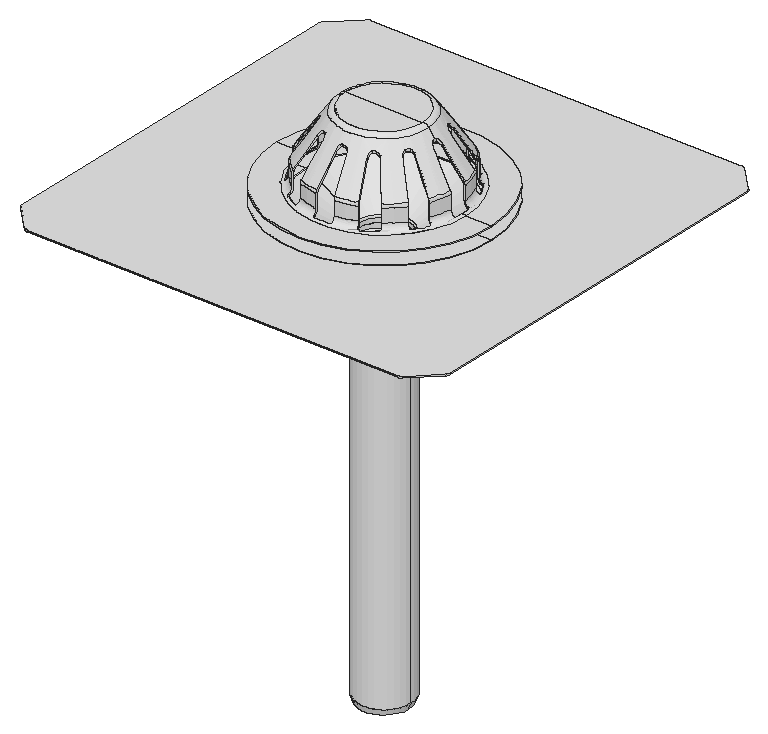
Revit family "Blucher_PlumbingFixture_GravityRoofDrain_401.10a", category Plumbing Fixtures, host Face, Revit 2017
Family settings
  Host = Face
  Round Connector Dimension = Use Diameter
  Part Type = Normal
  OmniClass Number = 23.70.50.21.24
  OmniClass Title = Waste Water Drains
  Cut with Voids When Loaded = No
  Shared = No
  Room Calculation Point = No
Parameters (values of type "50mm")
  _BSBibleVersion = 15
  _DistributedBy = "www.bimstore.co.uk"
  _CurrentRevision = 1
  _CreatedBy = "www.bimstore.co.uk"
  _BimSpecGuid = 0
  _Author = "Ian Holmes"
  WarrantyStartDate [instance] = "Please record on commissioning."
  WarrantyGuarantorParts = "mail@blucher.com"
  WarrantyGuarantorLabor = "n/a"
  WarrantyDurationUnit = "Years"
  WarrantyDurationParts = "n/a"
  WarrantyDurationLabor = "n/a"
  WarrantyDescription = "n/a"
  URL = "http://www.blucher.com/"
  TypeName = Type Comments  # "401.104.050"
  Type Comments = "401.104.050"
  PressureDrop [instance] = 0.0 Pa
  PipeMinimumHeight [instance] = PipeMaximumHeight - PipeAdjustment  # 195 mm
  PipeMaximumHeight [instance] = 495 mm  # constant formula
  PipeAdjustment = 300 mm  # constant formula
  HeightAdjustment [instance] = 495 mm
  HeightConstraint [instance] = if(HeightAdjustment < PipeMinimumHeight, PipeMinimumHeight, if(HeightAdjustment > PipeMaximumHeight, PipeMaximumHeight, HeightAdjustment))  # 495 mm
  Flow_Sewer [instance] = 0.0 L/s
  Flow [instance] = 0.0 L/s
  DrainMaterial = Blucher_Stainless Steel
  Description = "Roof drain with flange for bitumen. "
  SpareParts = "n/a"
  Size = "400mm x 400mm x 50mm"
  Shape = "Rectangular"
  SerialNumber [instance] = "Please record on commissioning."
  ReplacementCost = "n/a"
  ReferencedStandard = "EN1253"
  ProductionYear = "2017"
  NominalLength = 400 mm
  NominalHeight = 495 mm
  NominalDepth = 400 mm
  NBSReference = "90-10-20/302"
  NBSOfficeMasterTag = "n/a"
  NBSObjectName = "BLÜCHER - Gravity rainwater outlets"
  NBSNote = ""
  NBSDescription = "Gravity rainwater outlets"
  ModelReference = Model  # "BLÜCHER Gravity Roof Drain"
  ModelNumber = Type Comments  # "401.104.050"
  Model = "BLÜCHER Gravity Roof Drain"
  Material = "Available in Stainless Steel AISI 304 & Stainless Steel AISI 316L"
  ManufacturerName = "BLÜCHER"
  Manufacturer = "BLÜCHER"
  Keynote = "R10"
  InstallationDate [instance] = "Please record on commissioning."
  IfcExportType = "IfcWasteTerminalTypeEnum.FLOORWASTE"
  IfcExportAs = "IfcFlowTerminal"
  Grade = "AISI 304/EN 1.4301 or AISI 316L/EN 1.4404"
  Finish = "2B - Pickled"
  Features = "n/a"
  ExpectedLife = 50
  DurationUnit = "Years"
  DocumentationTechnical = "https://www.bimstore.co/products/roof-drain-gravity-401-10/document/technical-data-sheet"
  DocumentationMaintenance = "https://www.bimstore.co/products/roof-drain-gravity-401-10/document/maintenance-information"
  DocumentationLiterature = "https://www.bimstore.co/products/roof-drain-gravity-401-10/document/product-literature"
  DocumentationInstallationGuide = "https://www.bimstore.co/products/roof-drain-gravity-401-10/document/installation-guide"
  DocumentationCertificates = "https://www.bimstore.co/products/roof-drain-gravity-401-10/document/product-certificates"
  Default Elevation = 1219.2 mm
  D = 50 mm
  CreatedOn = "2017-11-07-T00:00:00"
  CreatedBy = "mail@blucher.com"
  Constituents = "n/a"
  Color = "Stainless Steel"
  CodePerformance = "n/a"
  ClassificationValue = "Pr_65_50_35_37"
  ClassificationName = "Uniclass2015"
  BarCode [instance] = "Please record on commissioning."
  BIMObjectName = "Blucher_PlumbingFixture_GravityRoofDrain_401.10"
  AssetType = "Fixed"
  AssetIdentifier [instance] = "Please record on commissioning."
  Assembly Code = "D2040200"
  AccessibilityPerformance = "n/a"
Types (4, lengths in mm): name | TypeName | Type Comments | Size | ModelNumber | D
  (no name) | "401.104.050" | "401.104.050" | "400mm x 400mm x 50mm" | "401.104.050" | 50
  50mm | "401.104.050" | "401.104.050" | "400mm x 400mm x 50mm" | "401.104.050" | 50
  75mm | "401.104.075" | "401.104.075" | "400mm x 400mm x 75mm" | "401.104.075" | 75
  110mm | "401.104.110" | "401.104.110" | "400mm x 400mm x 110mm" | "401.104.110" | 110
Reference planes
  plane 1 "Center (Front/Back)": y = 0
  plane 2: z = 0
  plane 3 "Center (Left/Right)": x = 0
  plane 4: z = 12
  plane 5: z = -418
  plane 6: z = 77
  plane 7: z = -30
  plane 8: z = 1
Forms (mm)
  Extrusion 1, void
    sketch origin (0, 0, 0) x (1, 0, 0) y (0, 1, 0)
      loop
        circle (0, 0) r 100
    from -418 to 77
Lines and regions (mm)
  reference lines
    curve 1: line (0, 0, 0) -> (0, 0, -418)
Dimensions and locks
  locked: plane 4 to plane 2 at 12
  locked: plane 6 to plane 4 at 65
  "HeightConstraint": plane 6 to plane 5
  locked: plane 2 to plane 7 at 30
  locked: plane 8 to plane 2 at 1
  aligned and locked: plane 2 to host face
  aligned and locked: level to host face
  aligned and locked: plane 1 "Center (Front/Back)" to nested 2
  aligned and locked: plane 3 "Center (Left/Right)" to nested 2
  aligned and locked: plane 3 "Center (Left/Right)" to nested 3
  aligned and locked: plane 1 "Center (Front/Back)" to nested 3
  aligned and locked: plane 1 "Center (Front/Back)" to nested 4
  aligned and locked: plane 3 "Center (Left/Right)" to nested 4
  aligned and locked: nested 4 to plane 5
  aligned and locked: plane 1 "Center (Front/Back)" to nested 5
  aligned and locked: plane 3 "Center (Left/Right)" to nested 5
  aligned and locked: plane 6 to Extrusion 1
  aligned and locked: Extrusion 1 to plane 5
  aligned and locked: plane 5 to curve 1
  aligned and locked: plane 2 to curve 1
  aligned and locked: curve 1 to plane 3 "Center (Left/Right)"
Automatic sketch dimensions
  host sketch curve to host sketch curve = 2438.4 mm  (x2)
  plane 1 "Center (Front/Back)" to Extrusion 1 sketch curve = 0 mm
  Extrusion 1 sketch curve to plane 3 "Center (Left/Right)" = 0 mm
  radius of Extrusion 1 sketch curve = 100 mm
Nested families
  nested 1: "WaterTraps_NotVisable" at (-1080.773, -1219.2, -89.9) x (1, 0, 0) z (0, -1, 0), type "WaterTraps_NotVisable"
  nested 2: "Flange_401.004" at (0, 0, 1), type "Flange_401.004"
    with MembrainThickness 0.8 mm, MembrainMaterial none, Membrain no
  nested 3: "LeafGuard_400.000.001" at (0, 0, 12), type "LeafGuard_400.000.001"
  nested 4: "Pipe" at (0, 0, -30), NominalDiameter <- "D", type "Pipe"
    with TopOffset 3 mm, SocketExternalDiameter 53 mm, NominalDiameter 50 mm, Lip 10 mm, HeadLength 47 mm, H 388 mm
  nested 5: "SiphonicPlate_400.000.100" at (0, 0, 1), D <- "D", type "SiphonicPlate_400.000.100"
    with D 50 mm
Connectors
  piping at (0, 0, -418), diameter 50, driven by "D", driven by "Flow", driven by "PressureDrop"
    settings: on curve 1, index 1, connector inside diameter 609.6 mm, connector length 0 mm, flow factor 0, pipe flow 0.0 L/s, pressure drop 0.0 Pa, fitting loss kfactor 0, connector angle 0.00°, fixture units 0, engagement length 0 mm, angle of deflection 0.00°, flow configuration 2, flow direction 2, fitting loss method 4, system type 16, joint type 0, gender type 0, connector reference index -1, connector utility 0, adjustable connector yes, is connector primary yes, connector description ""
Definition of nested family "Flange_401.004"
  Parameters (values of type "Flange_401.004")
    PlateMaterial = none
    MembrainThickness [instance] = 0.8 mm
    MembrainMaterial [instance] = none
    Membrain [instance] = yes
    Default Elevation = 0 mm
  Reference planes
    plane 1 "Center (Front/Back)": y = 0
    plane 2: z = 0
    plane 3 "Center (Left/Right)": x = 0
    plane 4: z = 0.8
  Forms (mm)
    Extrusion 1, solid
      sketch origin (0, 0, 0) x (1, 0, 0) y (0, 1, 0)
        loop
          line (-1219.2, 1219.2) -> (-1219.2, -1219.2) -> (1219.2, -1219.2) -> (1219.2, 1219.2) -> (-1219.2, 1219.2)
      from 0 to -304.8
    Extrusion 2, solid, material <- "PlateMaterial"
      sketch origin (0, 0, 0) x (1, 0, 0) y (0, 1, 0)
        loop
          line (-200, 172.929) -> (-200, -172.929)
          arc (-200, -172.929) -> (-199.619, -174.842) -> (-198.536, -176.464) r 5
          line (-198.536, -176.464) -> (-176.464, -198.536)
          arc (-176.464, -198.536) -> (-174.842, -199.619) -> (-172.929, -200) r 5
          line (-172.929, -200) -> (172.929, -200)
          arc (172.929, -200) -> (174.842, -199.619) -> (176.464, -198.536) r 5
          line (176.464, -198.536) -> (198.536, -176.464)
          arc (198.536, -176.464) -> (199.619, -174.842) -> (200, -172.929) r 5
          line (200, -172.929) -> (200, 172.929)
          arc (200, 172.929) -> (199.619, 174.842) -> (198.536, 176.464) r 5
          line (198.536, 176.464) -> (176.464, 198.536)
          arc (176.464, 198.536) -> (174.842, 199.619) -> (172.929, 200) r 5
          line (172.929, 200) -> (-172.929, 200)
          arc (-172.929, 200) -> (-174.842, 199.619) -> (-176.464, 198.536) r 5
          line (-176.464, 198.536) -> (-198.536, 176.464)
          arc (-198.536, 176.464) -> (-199.619, 174.842) -> (-200, 172.929) r 5
        loop
          circle (0, 0) r 100
      from -1 to 0
    Extrusion 3, solid, material <- "MembrainMaterial", visible <- "Membrain"
      sketch origin (0, 0, 0) x (1, 0, 0) y (0, 1, 0)
        loop
          line (172.929, 200) -> (-172.929, 200)
          arc (-172.929, 200) -> (-174.842, 199.619) -> (-176.464, 198.536) r 5
          line (-176.464, 198.536) -> (-198.536, 176.464)
          arc (-198.536, 176.464) -> (-199.619, 174.842) -> (-200, 172.929) r 5
          line (-200, 172.929) -> (-200, -172.929)
          arc (-200, -172.929) -> (-199.619, -174.842) -> (-198.536, -176.464) r 5
          line (-198.536, -176.464) -> (-176.464, -198.536)
          arc (-176.464, -198.536) -> (-174.842, -199.619) -> (-172.929, -200) r 5
          line (-172.929, -200) -> (172.929, -200)
          arc (172.929, -200) -> (174.842, -199.619) -> (176.464, -198.536) r 5
          line (176.464, -198.536) -> (198.536, -176.464)
          arc (198.536, -176.464) -> (199.619, -174.842) -> (200, -172.929) r 5
          line (200, -172.929) -> (200, 172.929)
          arc (200, 172.929) -> (199.619, 174.842) -> (198.536, 176.464) r 5
          line (198.536, 176.464) -> (176.464, 198.536)
          arc (176.464, 198.536) -> (174.842, 199.619) -> (172.929, 200) r 5
      from 0 to 0.8
  Dimensions and locks
    "MembrainThickness": plane 4 to plane 2
    aligned and locked: plane 2 to Extrusion 1
    aligned and locked: level to Extrusion 1
    aligned and locked: Extrusion 3 to plane 4
  Automatic sketch dimensions
    Extrusion 1 sketch curve to Extrusion 1 sketch curve = 2438.4 mm  (x2)
    plane 1 "Center (Front/Back)" to Extrusion 2 sketch curve = 0 mm
    Extrusion 2 sketch curve to plane 3 "Center (Left/Right)" = 0 mm
    Extrusion 2 sketch curve to Extrusion 2 sketch curve = 3.536 mm  (x10)
    Extrusion 2 sketch curve to Extrusion 2 sketch curve = 1.464 mm  (x4)
    Extrusion 3 sketch curve to plane 3 "Center (Left/Right)" = 200 mm
    Extrusion 3 sketch curve to Extrusion 3 sketch curve = 1.464 mm  (x5)
    Extrusion 3 sketch curve to Extrusion 3 sketch curve = 3.536 mm  (x9)
    Extrusion 3 sketch curve to Extrusion 3 sketch curve = 22.071 mm  (x8)
    plane 3 "Center (Left/Right)" to Extrusion 3 sketch curve = 172.929 mm  (x2)
    plane 1 "Center (Front/Back)" to Extrusion 3 sketch curve = 200 mm
    Extrusion 3 sketch curve to plane 1 "Center (Front/Back)" = 172.929 mm  (x2)
    plane 1 "Center (Front/Back)" to Extrusion 2 sketch curve = 176.464 mm
    plane 3 "Center (Left/Right)" to Extrusion 2 sketch curve = 172.929 mm  (x2)
    Extrusion 2 sketch curve to Extrusion 2 sketch curve = 22.071 mm  (x6)
    plane 1 "Center (Front/Back)" to Extrusion 2 sketch curve = 195 mm
    Extrusion 2 sketch curve to Extrusion 2 sketch curve = 5 mm
    Extrusion 2 sketch curve to Extrusion 2 sketch curve = 27.071 mm
    Extrusion 2 sketch curve to plane 3 "Center (Left/Right)" = 172.929 mm
    Extrusion 2 sketch curve to plane 1 "Center (Front/Back)" = 172.929 mm
    radius of Extrusion 2 sketch curve = 100 mm
Definition of nested family "LeafGuard_400.000.001"
  Parameters (values of type "LeafGuard_400.000.001")
    LeafGuardMaterial = none
    Default Elevation = 0 mm
  Reference planes
    plane 1 "Center (Front/Back)": y = 0
    plane 2: z = 0
    plane 3 "Center (Left/Right)": x = 0
  Forms (mm)
    Extrusion 1, solid
      sketch origin (0, 0, 0) x (1, 0, 0) y (0, 1, 0)
        loop
          line (-1219.2, 1219.2) -> (-1219.2, -1219.2) -> (1219.2, -1219.2) -> (1219.2, 1219.2) -> (-1219.2, 1219.2)
      from 0 to -304.8
    Revolve 2, solid, material <- "LeafGuardMaterial"
      sketch origin (0, 0, -12) x (1, 0, 0) y (0, 0, 1)
        loop
          arc (-75.403, 12) -> (-70.468, 14.379) -> (-68.467, 19.479) r 7.5
          line (-68.467, 19.479) -> (-68.467, 31.783)
          arc (-68.467, 31.783) -> (-68.287, 32.969) -> (-67.763, 34.048) r 4
          line (-67.763, 34.048) -> (-40.571, 73.615)
          arc (-40.571, 73.615) -> (-38.599, 75.367) -> (-36.038, 76) r 5.5
          line (-36.038, 76) -> (0, 76) -> (0, 77) -> (-36.038, 77)
          arc (-36.038, 77) -> (-39.064, 76.252) -> (-41.395, 74.182) r 6.5
          line (-41.395, 74.182) -> (-68.588, 34.615)
          arc (-68.588, 34.615) -> (-69.242, 33.265) -> (-69.467, 31.783) r 5
          line (-69.467, 31.783) -> (-69.467, 19.479)
          arc (-69.467, 19.479) -> (-71.371, 14.883) -> (-75.967, 12.979) r 6.5
          line (-75.967, 12.979) -> (-100, 12.979) -> (-100, 12) -> (-75.403, 12)
        axis (0, 77) -> (0, 12)
      angle from 0 to 360
    Extrusion 3, void
      sketch origin (0, 0, 0) x (1, 0, 0) y (0, 1, 0)
        loop
          arc (5.168, -50.096) -> (4.044, -47.956) -> (1.893, -46.854) r 4
          arc (1.893, -46.854) -> (0.008, -46.696) -> (-1.877, -46.851) r 11.414
          arc (-1.877, -46.851) -> (-4.04, -47.957) -> (-5.17, -50.107) r 4.015
          line (-5.17, -50.107) -> (-8.432, -68.403)
          arc (-8.432, -68.403) -> (-8.548, -69.278) -> (-8.587, -70.159) r 10
          line (-8.587, -70.159) -> (-8.587, -71.277)
          arc (-8.587, -71.277) -> (-8.264, -72.113) -> (-7.463, -72.516) r 1.245
          arc (-7.463, -72.516) -> (0, -72.878) -> (7.464, -72.515) r 77.106
          arc (7.464, -72.515) -> (8.265, -72.113) -> (8.587, -71.277) r 1.244
          line (8.587, -71.277) -> (8.587, -70.159)
          arc (8.587, -70.159) -> (8.548, -69.278) -> (8.432, -68.403) r 10
          line (8.432, -68.403) -> (5.168, -50.096)
      from 1 to 71.093
    Extrusion 4, void
      sketch origin (0, 0, 0) x (0, -1, 0) y (1, 0, 0)
        loop
          line (5.168, 50.096) -> (8.432, 68.403)
          arc (8.432, 68.403) -> (8.548, 69.278) -> (8.587, 70.159) r 10
          line (8.587, 70.159) -> (8.587, 71.277)
          arc (8.587, 71.277) -> (8.265, 72.113) -> (7.464, 72.515) r 1.244
          arc (7.464, 72.515) -> (0, 72.878) -> (-7.463, 72.516) r 77.106
          arc (-7.463, 72.516) -> (-8.264, 72.113) -> (-8.587, 71.277) r 1.245
          line (-8.587, 71.277) -> (-8.587, 70.159)
          arc (-8.587, 70.159) -> (-8.548, 69.278) -> (-8.432, 68.403) r 10
          line (-8.432, 68.403) -> (-5.17, 50.107)
          arc (-5.17, 50.107) -> (-4.04, 47.957) -> (-1.877, 46.851) r 4.015
          arc (-1.877, 46.851) -> (0.008, 46.696) -> (1.893, 46.854) r 11.414
          arc (1.893, 46.854) -> (4.044, 47.956) -> (5.168, 50.096) r 4
      from 1 to 71.093
    Extrusion 5, void
      sketch origin (0, 0, 0) x (0, -1, 0) y (1, 0, 0)
        loop
          arc (5.168, -50.096) -> (4.044, -47.956) -> (1.893, -46.854) r 4
          arc (1.893, -46.854) -> (0.008, -46.696) -> (-1.877, -46.851) r 11.414
          arc (-1.877, -46.851) -> (-4.04, -47.957) -> (-5.17, -50.107) r 4.015
          line (-5.17, -50.107) -> (-8.432, -68.403)
          arc (-8.432, -68.403) -> (-8.548, -69.278) -> (-8.587, -70.159) r 10
          line (-8.587, -70.159) -> (-8.587, -71.277)
          arc (-8.587, -71.277) -> (-8.264, -72.113) -> (-7.463, -72.516) r 1.245
          arc (-7.463, -72.516) -> (0, -72.878) -> (7.464, -72.515) r 77.106
          arc (7.464, -72.515) -> (8.265, -72.113) -> (8.587, -71.277) r 1.244
          line (8.587, -71.277) -> (8.587, -70.159)
          arc (8.587, -70.159) -> (8.548, -69.278) -> (8.432, -68.403) r 10
          line (8.432, -68.403) -> (5.168, -50.096)
      from 1 to 71.093
    Extrusion 6, void
      sketch origin (0, 0, 0) x (1, 0, 0) y (0, 1, 0)
        loop
          line (5.168, 50.096) -> (8.432, 68.403)
          arc (8.432, 68.403) -> (8.548, 69.278) -> (8.587, 70.159) r 10
          line (8.587, 70.159) -> (8.587, 71.277)
          arc (8.587, 71.277) -> (8.265, 72.113) -> (7.464, 72.515) r 1.244
          arc (7.464, 72.515) -> (0, 72.878) -> (-7.463, 72.516) r 77.106
          arc (-7.463, 72.516) -> (-8.264, 72.113) -> (-8.587, 71.277) r 1.245
          line (-8.587, 71.277) -> (-8.587, 70.159)
          arc (-8.587, 70.159) -> (-8.548, 69.278) -> (-8.432, 68.403) r 10
          line (-8.432, 68.403) -> (-5.17, 50.107)
          arc (-5.17, 50.107) -> (-4.04, 47.957) -> (-1.877, 46.851) r 4.015
          arc (-1.877, 46.851) -> (0.008, 46.696) -> (1.893, 46.854) r 11.414
          arc (1.893, 46.854) -> (4.044, 47.956) -> (5.168, 50.096) r 4
      from 1 to 71.093
    Extrusion 7, void
      sketch origin (0, 0, 0) x (-0.5, 0.866025, 0) y (-0.866025, -0.5, 0)
        loop
          line (5.168, 50.096) -> (8.432, 68.403)
          arc (8.432, 68.403) -> (8.548, 69.278) -> (8.587, 70.159) r 10
          line (8.587, 70.159) -> (8.587, 71.277)
          arc (8.587, 71.277) -> (8.265, 72.113) -> (7.464, 72.515) r 1.244
          arc (7.464, 72.515) -> (0, 72.878) -> (-7.463, 72.516) r 77.106
          arc (-7.463, 72.516) -> (-8.264, 72.113) -> (-8.587, 71.277) r 1.245
          line (-8.587, 71.277) -> (-8.587, 70.159)
          arc (-8.587, 70.159) -> (-8.548, 69.278) -> (-8.432, 68.403) r 10
          line (-8.432, 68.403) -> (-5.17, 50.107)
          arc (-5.17, 50.107) -> (-4.04, 47.957) -> (-1.877, 46.851) r 4.015
          arc (-1.877, 46.851) -> (0.008, 46.696) -> (1.893, 46.854) r 11.414
          arc (1.893, 46.854) -> (4.044, 47.956) -> (5.168, 50.096) r 4
      from 1 to 71.093
    Extrusion 8, void
      sketch origin (0, 0, 0) x (-0.5, 0.866025, 0) y (-0.866025, -0.5, 0)
        loop
          arc (5.168, -50.096) -> (4.044, -47.956) -> (1.893, -46.854) r 4
          arc (1.893, -46.854) -> (0.008, -46.696) -> (-1.877, -46.851) r 11.414
          arc (-1.877, -46.851) -> (-4.04, -47.957) -> (-5.17, -50.107) r 4.015
          line (-5.17, -50.107) -> (-8.432, -68.403)
          arc (-8.432, -68.403) -> (-8.548, -69.278) -> (-8.587, -70.159) r 10
          line (-8.587, -70.159) -> (-8.587, -71.277)
          arc (-8.587, -71.277) -> (-8.264, -72.113) -> (-7.463, -72.516) r 1.245
          arc (-7.463, -72.516) -> (0, -72.878) -> (7.464, -72.515) r 77.106
          arc (7.464, -72.515) -> (8.265, -72.113) -> (8.587, -71.277) r 1.244
          line (8.587, -71.277) -> (8.587, -70.159)
          arc (8.587, -70.159) -> (8.548, -69.278) -> (8.432, -68.403) r 10
          line (8.432, -68.403) -> (5.168, -50.096)
      from 1 to 71.093
    Extrusion 9, void
      sketch origin (0, 0, 0) x (-0.5, -0.866025, 0) y (0.866025, -0.5, 0)
        loop
          arc (5.168, -50.096) -> (4.044, -47.956) -> (1.893, -46.854) r 4
          arc (1.893, -46.854) -> (0.008, -46.696) -> (-1.877, -46.851) r 11.414
          arc (-1.877, -46.851) -> (-4.04, -47.957) -> (-5.17, -50.107) r 4.015
          line (-5.17, -50.107) -> (-8.432, -68.403)
          arc (-8.432, -68.403) -> (-8.548, -69.278) -> (-8.587, -70.159) r 10
          line (-8.587, -70.159) -> (-8.587, -71.277)
          arc (-8.587, -71.277) -> (-8.264, -72.113) -> (-7.463, -72.516) r 1.245
          arc (-7.463, -72.516) -> (0, -72.878) -> (7.464, -72.515) r 77.106
          arc (7.464, -72.515) -> (8.265, -72.113) -> (8.587, -71.277) r 1.244
          line (8.587, -71.277) -> (8.587, -70.159)
          arc (8.587, -70.159) -> (8.548, -69.278) -> (8.432, -68.403) r 10
          line (8.432, -68.403) -> (5.168, -50.096)
      from 1 to 71.093
    Extrusion 10, void
      sketch origin (0, 0, 0) x (-0.5, -0.866025, 0) y (0.866025, -0.5, 0)
        loop
          line (5.168, 50.096) -> (8.432, 68.403)
          arc (8.432, 68.403) -> (8.548, 69.278) -> (8.587, 70.159) r 10
          line (8.587, 70.159) -> (8.587, 71.277)
          arc (8.587, 71.277) -> (8.265, 72.113) -> (7.464, 72.515) r 1.244
          arc (7.464, 72.515) -> (0, 72.878) -> (-7.463, 72.516) r 77.106
          arc (-7.463, 72.516) -> (-8.264, 72.113) -> (-8.587, 71.277) r 1.245
          line (-8.587, 71.277) -> (-8.587, 70.159)
          arc (-8.587, 70.159) -> (-8.548, 69.278) -> (-8.432, 68.403) r 10
          line (-8.432, 68.403) -> (-5.17, 50.107)
          arc (-5.17, 50.107) -> (-4.04, 47.957) -> (-1.877, 46.851) r 4.015
          arc (-1.877, 46.851) -> (0.008, 46.696) -> (1.893, 46.854) r 11.414
          arc (1.893, 46.854) -> (4.044, 47.956) -> (5.168, 50.096) r 4
      from 1 to 71.093
    Extrusion 11, void
      sketch origin (0, 0, 0) x (-0.866025, 0.5, 0) y (-0.5, -0.866025, 0)
        loop
          line (5.168, 50.096) -> (8.432, 68.403)
          arc (8.432, 68.403) -> (8.548, 69.278) -> (8.587, 70.159) r 10
          line (8.587, 70.159) -> (8.587, 71.277)
          arc (8.587, 71.277) -> (8.265, 72.113) -> (7.464, 72.515) r 1.244
          arc (7.464, 72.515) -> (0, 72.878) -> (-7.463, 72.516) r 77.106
          arc (-7.463, 72.516) -> (-8.264, 72.113) -> (-8.587, 71.277) r 1.245
          line (-8.587, 71.277) -> (-8.587, 70.159)
          arc (-8.587, 70.159) -> (-8.548, 69.278) -> (-8.432, 68.403) r 10
          line (-8.432, 68.403) -> (-5.17, 50.107)
          arc (-5.17, 50.107) -> (-4.04, 47.957) -> (-1.877, 46.851) r 4.015
          arc (-1.877, 46.851) -> (0.008, 46.696) -> (1.893, 46.854) r 11.414
          arc (1.893, 46.854) -> (4.044, 47.956) -> (5.168, 50.096) r 4
      from 1 to 71.093
    Extrusion 12, void
      sketch origin (0, 0, 0) x (-0.866025, 0.5, 0) y (-0.5, -0.866025, 0)
        loop
          arc (5.168, -50.096) -> (4.044, -47.956) -> (1.893, -46.854) r 4
          arc (1.893, -46.854) -> (0.008, -46.696) -> (-1.877, -46.851) r 11.414
          arc (-1.877, -46.851) -> (-4.04, -47.957) -> (-5.17, -50.107) r 4.015
          line (-5.17, -50.107) -> (-8.432, -68.403)
          arc (-8.432, -68.403) -> (-8.548, -69.278) -> (-8.587, -70.159) r 10
          line (-8.587, -70.159) -> (-8.587, -71.277)
          arc (-8.587, -71.277) -> (-8.264, -72.113) -> (-7.463, -72.516) r 1.245
          arc (-7.463, -72.516) -> (0, -72.878) -> (7.464, -72.515) r 77.106
          arc (7.464, -72.515) -> (8.265, -72.113) -> (8.587, -71.277) r 1.244
          line (8.587, -71.277) -> (8.587, -70.159)
          arc (8.587, -70.159) -> (8.548, -69.278) -> (8.432, -68.403) r 10
          line (8.432, -68.403) -> (5.168, -50.096)
      from 1 to 71.093
    Extrusion 13, void
      sketch origin (0, 0, 0) x (0.866025, 0.5, 0) y (-0.5, 0.866025, 0)
        loop
          arc (5.168, -50.096) -> (4.044, -47.956) -> (1.893, -46.854) r 4
          arc (1.893, -46.854) -> (0.008, -46.696) -> (-1.877, -46.851) r 11.414
          arc (-1.877, -46.851) -> (-4.04, -47.957) -> (-5.17, -50.107) r 4.015
          line (-5.17, -50.107) -> (-8.432, -68.403)
          arc (-8.432, -68.403) -> (-8.548, -69.278) -> (-8.587, -70.159) r 10
          line (-8.587, -70.159) -> (-8.587, -71.277)
          arc (-8.587, -71.277) -> (-8.264, -72.113) -> (-7.463, -72.516) r 1.245
          arc (-7.463, -72.516) -> (0, -72.878) -> (7.464, -72.515) r 77.106
          arc (7.464, -72.515) -> (8.265, -72.113) -> (8.587, -71.277) r 1.244
          line (8.587, -71.277) -> (8.587, -70.159)
          arc (8.587, -70.159) -> (8.548, -69.278) -> (8.432, -68.403) r 10
          line (8.432, -68.403) -> (5.168, -50.096)
      from 1 to 71.093
    Extrusion 14, void
      sketch origin (0, 0, 0) x (0.866025, 0.5, 0) y (-0.5, 0.866025, 0)
        loop
          line (5.168, 50.096) -> (8.432, 68.403)
          arc (8.432, 68.403) -> (8.548, 69.278) -> (8.587, 70.159) r 10
          line (8.587, 70.159) -> (8.587, 71.277)
          arc (8.587, 71.277) -> (8.265, 72.113) -> (7.464, 72.515) r 1.244
          arc (7.464, 72.515) -> (0, 72.878) -> (-7.463, 72.516) r 77.106
          arc (-7.463, 72.516) -> (-8.264, 72.113) -> (-8.587, 71.277) r 1.245
          line (-8.587, 71.277) -> (-8.587, 70.159)
          arc (-8.587, 70.159) -> (-8.548, 69.278) -> (-8.432, 68.403) r 10
          line (-8.432, 68.403) -> (-5.17, 50.107)
          arc (-5.17, 50.107) -> (-4.04, 47.957) -> (-1.877, 46.851) r 4.015
          arc (-1.877, 46.851) -> (0.008, 46.696) -> (1.893, 46.854) r 11.414
          arc (1.893, 46.854) -> (4.044, 47.956) -> (5.168, 50.096) r 4
      from 1 to 71.093
  Cuts and joins
    Extrusion 3, Extrusion 4, Extrusion 5, Extrusion 6, Extrusion 7, Extrusion 8, Extrusion 9, Extrusion 10, Extrusion 11, Extrusion 12, Extrusion 13, Extrusion 14 cuts Revolve 2
  Dimensions and locks
    aligned and locked: plane 2 to Extrusion 1
    aligned and locked: level to Extrusion 1
Definition of nested family "Pipe"
  Parameters (values of type "Pipe")
    TopOffset [instance] = if(NominalDiameter = 40 mm, 4 mm, if(NominalDiameter = 50 mm, 3 mm, if(NominalDiameter = 75 mm, 4 mm, 5 mm)))  # 4 mm
    T = 1 mm
    SocketExternalDiameter [instance] = NominalDiameter + 3 mm  # 43 mm
    PipeMaterial = none
    NominalDiameter [instance] = 40 mm
    Lip [instance] = if(NominalDiameter = 40 mm, 10 mm, if(NominalDiameter = 50 mm, 10 mm, if(NominalDiameter = 75 mm, 10.5 mm, 12 mm)))  # 10 mm
    HeadLength [instance] = if(NominalDiameter = 40 mm, 46 mm, if(NominalDiameter = 50 mm, 47 mm, if(NominalDiameter = 75 mm, 55 mm, 62 mm)))  # 46 mm
    H [instance] = 502 mm
    Default Elevation = 0 mm
  Reference planes
    plane 1 "Center (Front/Back)": y = 0
    plane 2: z = 0
    plane 3 "Center (Left/Right)": x = 0
    plane 4: z = -46
    plane 5: z = -40.816
    plane 6: z = -14
    plane 7: z = -4
    plane 8: z = -502
    plane 9: x = 20
    plane 10: x = 21.5
    plane 11: x = -21.5
    plane 12: x = -20
    plane 13: x = -20.5
    plane 14: x = 20.5
    plane 15: x = 19
    plane 16: x = -19
    plane 17: x = 26.5
    plane 18: x = 25.5
    plane 19: z = -13
    plane 20: z = -5
    plane 21: z = -496.506
    plane 22: x = 18.01
  Forms (mm)
    Extrusion 1, solid
      sketch origin (0, 0, 0) x (1, 0, 0) y (0, 1, 0)
        loop
          line (-1219.2, 1219.2) -> (-1219.2, -1219.2) -> (1219.2, -1219.2) -> (1219.2, 1219.2) -> (-1219.2, 1219.2)
      from 0 to -304.8
    Revolve 2, solid, material <- "PipeMaterial"
      sketch origin (0, 0, 0) x (1, 0, 0) y (0, 0, 1)
        loop
          line (21.5, 0) -> (20.5, 0) -> (20.5, -2.452)
          arc (20.5, -2.452) -> (21.246, -4.254) -> (23.048, -5) r 2.548
          line (23.048, -5) -> (24, -5)
          arc (24, -5) -> (25.061, -5.439) -> (25.5, -6.5) r 1.5
          line (25.5, -6.5) -> (25.5, -11.527)
          arc (25.5, -11.527) -> (25.069, -12.569) -> (24.027, -13) r 1.473
          line (24.027, -13) -> (23, -13)
          arc (23, -13) -> (21.232, -13.732) -> (20.5, -15.5) r 2.5
          line (20.5, -15.5) -> (20.5, -40.674) -> (19, -45.858) -> (19, -496.329) -> (17.062, -501.655) -> (18.01, -502) -> (20, -496.506) -> (20, -46) -> (21.5, -40.816) -> (21.5, -15.5)
          arc (21.5, -15.5) -> (21.939, -14.439) -> (23, -14) r 1.5
          line (23, -14) -> (24.027, -14)
          arc (24.027, -14) -> (25.776, -13.276) -> (26.5, -11.527) r 2.473
          line (26.5, -11.527) -> (26.5, -6.5)
          arc (26.5, -6.5) -> (25.768, -4.732) -> (24, -4) r 2.5
          line (24, -4) -> (23.048, -4)
          arc (23.048, -4) -> (21.953, -3.547) -> (21.5, -2.452) r 1.548
          line (21.5, -2.452) -> (21.5, 0)
        axis (0, 0) -> (0, -502)
      angle from 0 to 360
  Dimensions and locks
    locked: plane 5 to plane 4 at 5.184
    "TopOffset": plane 2 to plane 7
    "Lip": plane 7 to plane 6
    "HeadLength": plane 2 to plane 4
    "H": plane 2 to plane 8
    "SocketExternalDiameter": plane 11 to plane 10
    equal spacing: plane 10, plane 3 "Center (Left/Right)", plane 11
    equal spacing: plane 9, plane 3 "Center (Left/Right)", plane 12
    "NominalDiameter": plane 9 to plane 12
    "T": plane 13 to plane 11
    "T": plane 14 to plane 10
    "T": plane 15 to plane 9
    "T": plane 16 to plane 12
    "T": plane 18 to plane 17
    locked: plane 10 to plane 17 at 5
    "T": Revolve 2 sketch curve to Revolve 2 sketch curve
    "T": plane 19 to plane 6
    "T": plane 7 to plane 20
    locked: plane 21 to plane 8 at 5.494
    locked: plane 22 to plane 9 at 1.99
    radius of Revolve 2 sketch curve = 1.5 mm  (x2)
    radius of Revolve 2 sketch curve = 2.548 mm
    radius of Revolve 2 sketch curve = 1.548 mm
    radius of Revolve 2 sketch curve = 2.5 mm  (x2)
    radius of Revolve 2 sketch curve = 1.473 mm
    radius of Revolve 2 sketch curve = 2.473 mm
    locked: Revolve 2 sketch curve to plane 8 (angle 20.00°)
    aligned and locked: plane 2 to Extrusion 1
    aligned and locked: level to Extrusion 1
    aligned and locked: plane 10 to Revolve 2 sketch curve
    aligned and locked: plane 14 to Revolve 2 sketch curve
    aligned and locked: plane 2 to Revolve 2 sketch curve
    aligned and locked: Revolve 2 sketch curve to plane 18
    aligned and locked: Revolve 2 sketch curve to plane 17
    aligned and locked: Revolve 2 sketch curve to plane 10
    aligned and locked: Revolve 2 sketch curve to plane 14
    aligned and locked: plane 4 to Revolve 2 sketch curve
    aligned and locked: plane 5 to Revolve 2 sketch curve
    aligned and locked: plane 9 to Revolve 2 sketch curve
    aligned and locked: plane 20 to Revolve 2 sketch curve
    aligned and locked: plane 7 to Revolve 2 sketch curve
    aligned and locked: plane 19 to Revolve 2 sketch curve
    aligned and locked: plane 6 to Revolve 2 sketch curve
    aligned and locked: plane 22 to Revolve 2 sketch curve
    aligned and locked: plane 8 to Revolve 2 sketch curve
    aligned and locked: plane 21 to Revolve 2 sketch curve
  Automatic sketch dimensions
    Extrusion 1 sketch curve to Extrusion 1 sketch curve = 2438.4 mm  (x2)
    Revolve 2 sketch curve to plane 3 "Center (Left/Right)" = 0 mm
    plane 15 to Revolve 2 sketch curve = 0 mm
    Revolve 2 sketch curve to plane 8 = 0.345 mm
    Revolve 2 sketch curve to plane 5 = 4.752 mm
    Revolve 2 sketch curve to Revolve 2 sketch curve = 13.208 mm
Definition of nested family "SiphonicPlate_400.000.100"
  Parameters (values of type "SiphonicPlate_400.000.100")
    PlateMaterial = none
    Default Elevation = 0 mm
    D [instance] = 75 mm
  Reference planes
    plane 1 "Center (Front/Back)": y = 0
    plane 2: z = 0
    plane 3 "Center (Left/Right)": x = 0
    plane 4: x = -36.5
    plane 5: x = -37.5
    plane 6: x = 36.5
    plane 7: x = 37.5
    plane 8: z = -33
    plane 9: x = -73.177
    plane 10: x = -100
  Forms (mm)
    Extrusion 1, solid
      sketch origin (0, 0, 0) x (1, 0, 0) y (0, 1, 0)
        loop
          line (-1219.2, 1219.2) -> (-1219.2, -1219.2) -> (1219.2, -1219.2) -> (1219.2, 1219.2) -> (-1219.2, 1219.2)
      from 0 to -304.8
    Revolve 2, solid, material <- "PlateMaterial"
      sketch origin (0, 0, 0) x (1, 0, 0) y (0, 0, 1)
        loop
          line (-37.5, -33) -> (-36.5, -33) -> (-36.5, -21.916)
          arc (-36.5, -21.916) -> (-36.762, -20.94) -> (-37.476, -20.225) r 1.952
          line (-37.476, -20.225) -> (-71.927, -0.335)
          arc (-71.927, -0.335) -> (-72.53, -0.085) -> (-73.177, 0) r 2.5
          line (-73.177, 0) -> (-100, 0) -> (-100, -1) -> (-73.177, -1)
          arc (-73.177, -1) -> (-72.788, -1.051) -> (-72.427, -1.201) r 1.5
          line (-72.427, -1.201) -> (-37.976, -21.091)
          arc (-37.976, -21.091) -> (-37.628, -21.44) -> (-37.5, -21.916) r 0.952
          line (-37.5, -21.916) -> (-37.5, -33)
        axis (0, 0) -> (0, -33)
      angle from 0 to 360
  Dimensions and locks
    locked: plane 5 to plane 4 at 1
    locked: plane 7 to plane 6 at 1
    equal spacing: plane 5, plane 3 "Center (Left/Right)", plane 7
    "D": plane 5 to plane 7
    locked: plane 2 to plane 8 at 33
    locked: plane 3 "Center (Left/Right)" to plane 9 at 73.177
    locked: plane 9 to plane 10 at 26.823
    radius of Revolve 2 sketch curve = 0.952 mm
    radius of Revolve 2 sketch curve = 1.952 mm
    radius of Revolve 2 sketch curve = 1.5 mm
    radius of Revolve 2 sketch curve = 2.5 mm
    locked: Revolve 2 sketch curve to plane 8 (angle 30.00°)  (x2)
    aligned and locked: plane 2 to Extrusion 1
    aligned and locked: level to Extrusion 1
    aligned and locked: Revolve 2 sketch curve to plane 5
    aligned and locked: Revolve 2 sketch curve to plane 4
    aligned and locked: plane 9 to Revolve 2 sketch curve  (x2)
    aligned and locked: Revolve 2 sketch curve to plane 10
    aligned and locked: plane 8 to Revolve 2 sketch curve
  Automatic sketch dimensions
    Extrusion 1 sketch curve to Extrusion 1 sketch curve = 2438.4 mm  (x2)
    Revolve 2 sketch curve to Revolve 2 sketch curve = 0 mm
    Revolve 2 sketch curve to level = 0 mm
    Revolve 2 sketch curve to plane 3 "Center (Left/Right)" = 0 mm
    Revolve 2 sketch curve to Revolve 2 sketch curve = 0.476 mm
    Revolve 2 sketch curve to level = 0.335 mm
    Revolve 2 sketch curve to Revolve 2 sketch curve = 0.5 mm
    Revolve 2 sketch curve to plane 5 = 0.024 mm
    Revolve 2 sketch curve to Revolve 2 sketch curve = 1.735 mm
    Revolve 2 sketch curve to Revolve 2 sketch curve = 17.922 mm
Definition of nested family "WaterTraps_NotVisable"
  Parameters (values of type "WaterTraps_NotVisable")
    WaterTrapMaterial [instance] = none
    Default Elevation = 1219.2 mm
  Reference planes
    plane 1 "Center (Front/Back)": y = 0
    plane 2: z = 0
    plane 3 "Center (Left/Right)": x = 0
  Forms (mm)
    Extrusion 1, solid
      sketch origin (0, 0, 0) x (1, 0, 0) y (0, 1, 0)
        loop
          line (-1219.2, 1219.2) -> (-1219.2, -1219.2) -> (1219.2, -1219.2) -> (1219.2, 1219.2) -> (-1219.2, 1219.2)
      from 0 to -304.8
  Dimensions and locks
    aligned and locked: plane 2 to Extrusion 1
    aligned and locked: level to Extrusion 1
